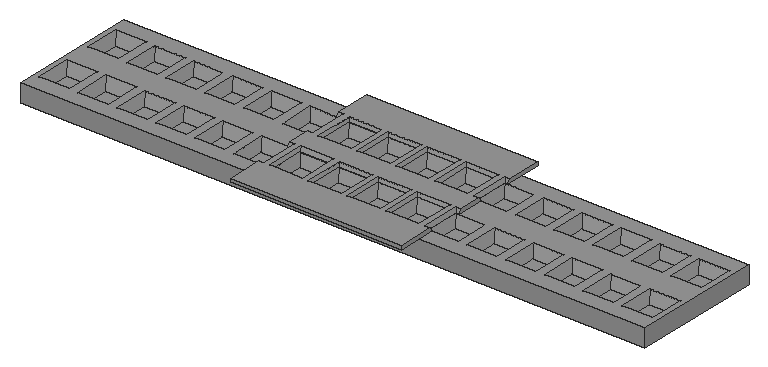
Revit family "2023688", category Lighting Fixtures, host Face, Revit 2018
Family settings
  Host = Face
  Round Connector Dimension = Use Diameter
  Part Type = Normal
  OmniClass Number = 23.80.70.00
  OmniClass Title = Lighting
  Cut with Voids When Loaded = No
  Light Source = Yes
  Shared = No
  Room Calculation Point = No
Parameters (values of type "2023688 OPTIX R 1250 2L 4K ALU EMCB")
  Weight = "n/a"
  Wattage Comments = ""
  Wattage = 9.2903 W
  WarrantyStartDate [instance] = "n/a"
  WarrantyGuarantorParts = "n/a"
  WarrantyDurationUnit = "n/a"
  WarrantyDurationParts = ""
  WarrantyDescription = "http://www.sylvania-lighting.com"
  built-in parameter 1150110 = 1 (stored number, unit not read)
  Voltage = 0 V
  URL = "0.95"
  TypeName = "OPTIX RECESSED 1250 2L 4000K ALU EMCB"
  Type Image = <None>
  Type Comments = "n/a"
  built-in parameter 1114217 = 1 (stored number, unit not read)
  Tilt Angle = -90.00°
  built-in parameter 1150109 = 1 (stored number, unit not read)
  built-in parameter 1150134 = 3
  built-in parameter 1150113 = 1 (stored number, unit not read)
  SerialNumber [instance] = "n/a"
  Photometric Web File = "2023688.ies"
  Material_3_SYL = none
  PowerFactor = 0
  PowerConsumption = "Lighting"
  NominalLength = 308.5 mm
  NominalHeight = 38 mm
  NominalDepth = 308 mm
  Name = "OPTIX RECESSED 1250 2L 4000K ALU EMCB"
  ModelReference = Name  # "OPTIX RECESSED 1250 2L 4000K ALU EMCB"
  ModelNumber = "2023688"
  Model = Name  # "OPTIX RECESSED 1250 2L 4000K ALU EMCB"
  Material = "Feilo Sylvania"
  ManufacturerName = "138 lm/W"
  Manufacturer = ""
  LuminousEfficacy = ""
  built-in parameter 1150105 = 109.82 (stored number, unit not read)
  Lumens = 1380 lm
  LuminaireType = "0"
  built-in parameter 1150115 = 1 (stored number, unit not read)
  LightOutputRatio = "LED"
  built-in parameter 1150137 = (empty or 0)
  built-in parameter 1150139 = (empty or 0)
  LampsType = Lamp  # "n/a"
  LampNominalLuminous = "4000 K"
  LampMacAdamStep = "80"
  LampColourTemperature = "LED"
  LampColourRenderingIndex = "16500"
  built-in parameter 1150112 = 1 (stored number, unit not read)
  built-in parameter 1150114 = 1 (stored number, unit not read)
  Lamp = "n/a"
  Keynote = "n/a"
  InstallationDate [instance] = "n/a"
  InputVoltage = "0"
  InputNominalFrequency = "4000"
  built-in parameter 1150132 = (empty or 0)
  built-in parameter 1150102 = (empty or 0)
  built-in parameter 1150107 = 3200 (stored number, unit not read)
  built-in parameter 1150138 = (empty or 0)
  IngressProtection = "IfcLightFixtureType"
  ImpactProtectionIndex = "IfcLightFixtureType"
  built-in parameter 1150106 = 1.0982 (stored number, unit not read)
  IfcExportType = "IfcLightFixtureType"
  IfcExportAs = "Class I"
  Emit from Circle Diameter = 609.6 mm
  Emit Shape Visible in Rendering = no
  ElectricShockClassification = "138"
  built-in parameter 1150104 = 13.8 (stored number, unit not read)
  DocumentationLiterature = "http://www.sylvania-lighting.com/product/en-int/products/2023688"
  DimmingControlOptions = "n/a"
  Material_2_SYL = none
  Dimming Lamp Color Temperature Shift = <None>
  Description = "OPTIX RECESSED 1250x310 2L 4000K ALU EMCB is a high efficacy low glare luminaire for office and education applications. Ceiling recessed 1250x310 mm. Aluminised plastic extra low glare optics in 2 lines configuration. White RAL9016 fixture body. Constant current driver. Suitable for central battery DC emergency operation. 4000K Neutral White LED, CRI>80, chromaticity tolerance of 3-step MacAdam ellipse. Luminous flux 3600lm. Power consumption 26W. Luminaire efficacy 138lm/W. Lifespan: 48,500 hours L90B10. UGR<16, Luminance at 65°<200 Cd/m2, IK07, IP20. Photobiological safety risk group 0. Electrical protection Class I. Glow wire test 850°C."
  Default Elevation = 1219.2 mm
  CreatedOn = "13/10/2022"
  CreatedBy = "@sylvania-lighting.com"
  Cost = 0
  Color Filter = 16777215
  built-in parameter 1114216 [instance] = (empty or 0)
  ClassificationValue = "EF_70_80"
  ClassificationName = "Uniclass2015"
  Material_1_SYL = none
  BarCode [instance] = "n/a"
  built-in parameter 1114218 = 1 (stored number, unit not read)
  built-in parameter 1150133 = 10 (stored number, unit not read)
  AssetType = "Fixed"
  AssetIdentifier [instance] = "n/a"
  Assembly Code = "D5020200"
  Apparent Load = 26 VA
  Material_4_SYL = none
Reference planes
  plane 1 "Center (Front/Back)": y = 0
  plane 2: z = 0
  plane 3 "Center (Left/Right)": x = 0
  plane 4: x = -154.25
  plane 5: x = 154.25
  plane 6: y = 154
  plane 7: y = -154
  plane 8: z = -32
  plane 9: z = 6
  plane 10: y = -116
  plane 11: y = 116
  plane 12: x = -563
  plane 13: x = 563
  plane 14: y = 90
  plane 15: y = -90
  plane 16: x = 275
  plane 17: x = 285
  plane 18: x = 345
  plane 19: x = 355
  plane 20: x = 415
  plane 21: x = 425
  plane 22: x = 485
  plane 23: x = 495
  plane 24: x = -275
  plane 25: x = -285
  plane 26: x = -345
  plane 27: x = -355
  plane 28: x = -415
  plane 29: x = -425
  plane 30: x = -485
  plane 31: x = -495
Forms (mm)
  Extrusion 1, solid, material "Aluminum", detail levels medium+fine
    sketch origin (0, 0, 0) x (1, 0, 0) y (0, 1, 0)
      loop
        line (-154.25, 154) -> (-154.25, -154) -> (154.25, -154) -> (154.25, 154) -> (-154.25, 154)
    from 0 to 6
  Extrusion 2, solid, material "Aluminum", detail levels medium+fine
    sketch origin (0, 0, 0) x (1, 0, 0) y (0, 1, 0)
      loop
        line (-563, 116) -> (-563, -116) -> (563, -116) -> (563, 116) -> (-563, 116)
    from 0 to -32
  Blend 3, void
    base sketch origin (0.2, -114, 0) x (1, 0, 0) y (0, 1, 0)
      loop
        line (-275.2, 204) -> (-275.2, 134) -> (-215.2, 134) -> (-215.2, 204) -> (-275.2, 204)
    top sketch origin (0.2, -114, 0) x (1, 0, 0) y (0, 1, 0)
      loop
        line (-265.2, 189) -> (-265.2, 149) -> (-225.2, 149) -> (-225.2, 189) -> (-265.2, 189)
    from 6 to -19
  Blend 4, void
    base sketch origin (70.2, -114, 0) x (1, 0, 0) y (0, 1, 0)
      loop
        line (-275.2, 204) -> (-275.2, 134) -> (-215.2, 134) -> (-215.2, 204) -> (-275.2, 204)
    top sketch origin (70.2, -114, 0) x (1, 0, 0) y (0, 1, 0)
      loop
        line (-265.2, 189) -> (-265.2, 149) -> (-225.2, 149) -> (-225.2, 189) -> (-265.2, 189)
    from 6 to -19
  Blend 5, void
    base sketch origin (140.2, -114, 0) x (1, 0, 0) y (0, 1, 0)
      loop
        line (-275.2, 204) -> (-275.2, 134) -> (-215.2, 134) -> (-215.2, 204) -> (-275.2, 204)
    top sketch origin (140.2, -114, 0) x (1, 0, 0) y (0, 1, 0)
      loop
        line (-265.2, 189) -> (-265.2, 149) -> (-225.2, 149) -> (-225.2, 189) -> (-265.2, 189)
    from 6 to -19
  Blend 6, void
    base sketch origin (210.2, -114, 0) x (1, 0, 0) y (0, 1, 0)
      loop
        line (-275.2, 204) -> (-275.2, 134) -> (-215.2, 134) -> (-215.2, 204) -> (-275.2, 204)
    top sketch origin (210.2, -114, 0) x (1, 0, 0) y (0, 1, 0)
      loop
        line (-265.2, 189) -> (-265.2, 149) -> (-225.2, 149) -> (-225.2, 189) -> (-265.2, 189)
    from 6 to -19
  Blend 7, void
    base sketch origin (280.2, -114, 0) x (1, 0, 0) y (0, 1, 0)
      loop
        line (-275.2, 204) -> (-275.2, 134) -> (-215.2, 134) -> (-215.2, 204) -> (-275.2, 204)
    top sketch origin (280.2, -114, 0) x (1, 0, 0) y (0, 1, 0)
      loop
        line (-265.2, 189) -> (-265.2, 149) -> (-225.2, 149) -> (-225.2, 189) -> (-265.2, 189)
    from 6 to -19
  Blend 8, void
    base sketch origin (350.2, -114, 0) x (1, 0, 0) y (0, 1, 0)
      loop
        line (-275.2, 204) -> (-275.2, 134) -> (-215.2, 134) -> (-215.2, 204) -> (-275.2, 204)
    top sketch origin (350.2, -114, 0) x (1, 0, 0) y (0, 1, 0)
      loop
        line (-265.2, 189) -> (-265.2, 149) -> (-225.2, 149) -> (-225.2, 189) -> (-265.2, 189)
    from 6 to -19
  Blend 9, void
    base sketch origin (420.2, -114, 0) x (1, 0, 0) y (0, 1, 0)
      loop
        line (-275.2, 204) -> (-275.2, 134) -> (-215.2, 134) -> (-215.2, 204) -> (-275.2, 204)
    top sketch origin (420.2, -114, 0) x (1, 0, 0) y (0, 1, 0)
      loop
        line (-265.2, 189) -> (-265.2, 149) -> (-225.2, 149) -> (-225.2, 189) -> (-265.2, 189)
    from 6 to -19
  Blend 10, void
    base sketch origin (490.2, -114, 0) x (1, 0, 0) y (0, 1, 0)
      loop
        line (-275.2, 204) -> (-275.2, 134) -> (-215.2, 134) -> (-215.2, 204) -> (-275.2, 204)
    top sketch origin (490.2, -114, 0) x (1, 0, 0) y (0, 1, 0)
      loop
        line (-265.2, 189) -> (-265.2, 149) -> (-225.2, 149) -> (-225.2, 189) -> (-265.2, 189)
    from 6 to -19
  Blend 11, void
    base sketch origin (560.2, -114, 0) x (1, 0, 0) y (0, 1, 0)
      loop
        line (-275.2, 204) -> (-275.2, 134) -> (-215.2, 134) -> (-215.2, 204) -> (-275.2, 204)
    top sketch origin (560.2, -114, 0) x (1, 0, 0) y (0, 1, 0)
      loop
        line (-265.2, 189) -> (-265.2, 149) -> (-225.2, 149) -> (-225.2, 189) -> (-265.2, 189)
    from 6 to -19
  Blend 12, void
    base sketch origin (630.2, -114, 0) x (1, 0, 0) y (0, 1, 0)
      loop
        line (-275.2, 204) -> (-275.2, 134) -> (-215.2, 134) -> (-215.2, 204) -> (-275.2, 204)
    top sketch origin (630.2, -114, 0) x (1, 0, 0) y (0, 1, 0)
      loop
        line (-265.2, 189) -> (-265.2, 149) -> (-225.2, 149) -> (-225.2, 189) -> (-265.2, 189)
    from 6 to -19
  Blend 13, void
    base sketch origin (700.2, -114, 0) x (1, 0, 0) y (0, 1, 0)
      loop
        line (-275.2, 204) -> (-275.2, 134) -> (-215.2, 134) -> (-215.2, 204) -> (-275.2, 204)
    top sketch origin (700.2, -114, 0) x (1, 0, 0) y (0, 1, 0)
      loop
        line (-265.2, 189) -> (-265.2, 149) -> (-225.2, 149) -> (-225.2, 189) -> (-265.2, 189)
    from 6 to -19
  Blend 14, void
    base sketch origin (770.2, -114, 0) x (1, 0, 0) y (0, 1, 0)
      loop
        line (-275.2, 204) -> (-275.2, 134) -> (-215.2, 134) -> (-215.2, 204) -> (-275.2, 204)
    top sketch origin (770.2, -114, 0) x (1, 0, 0) y (0, 1, 0)
      loop
        line (-265.2, 189) -> (-265.2, 149) -> (-225.2, 149) -> (-225.2, 189) -> (-265.2, 189)
    from 6 to -19
  Blend 15, void
    base sketch origin (-69.8, -114, 0) x (1, 0, 0) y (0, 1, 0)
      loop
        line (-275.2, 204) -> (-275.2, 134) -> (-215.2, 134) -> (-215.2, 204) -> (-275.2, 204)
    top sketch origin (-69.8, -114, 0) x (1, 0, 0) y (0, 1, 0)
      loop
        line (-265.2, 189) -> (-265.2, 149) -> (-225.2, 149) -> (-225.2, 189) -> (-265.2, 189)
    from 6 to -19
  Blend 16, void
    base sketch origin (-139.8, -114, 0) x (1, 0, 0) y (0, 1, 0)
      loop
        line (-275.2, 204) -> (-275.2, 134) -> (-215.2, 134) -> (-215.2, 204) -> (-275.2, 204)
    top sketch origin (-139.8, -114, 0) x (1, 0, 0) y (0, 1, 0)
      loop
        line (-265.2, 189) -> (-265.2, 149) -> (-225.2, 149) -> (-225.2, 189) -> (-265.2, 189)
    from 6 to -19
  Blend 17, void
    base sketch origin (-209.8, -114, 0) x (1, 0, 0) y (0, 1, 0)
      loop
        line (-275.2, 204) -> (-275.2, 134) -> (-215.2, 134) -> (-215.2, 204) -> (-275.2, 204)
    top sketch origin (-209.8, -114, 0) x (1, 0, 0) y (0, 1, 0)
      loop
        line (-265.2, 189) -> (-265.2, 149) -> (-225.2, 149) -> (-225.2, 189) -> (-265.2, 189)
    from 6 to -19
  Blend 18, void
    base sketch origin (-279.8, -114, 0) x (1, 0, 0) y (0, 1, 0)
      loop
        line (-275.2, 204) -> (-275.2, 134) -> (-215.2, 134) -> (-215.2, 204) -> (-275.2, 204)
    top sketch origin (-279.8, -114, 0) x (1, 0, 0) y (0, 1, 0)
      loop
        line (-265.2, 189) -> (-265.2, 149) -> (-225.2, 149) -> (-225.2, 189) -> (-265.2, 189)
    from 6 to -19
  Blend 19, void
    base sketch origin (0.2, -224, 0) x (1, 0, 0) y (0, 1, 0)
      loop
        line (-275.2, 204) -> (-275.2, 134) -> (-215.2, 134) -> (-215.2, 204) -> (-275.2, 204)
    top sketch origin (0.2, -224, 0) x (1, 0, 0) y (0, 1, 0)
      loop
        line (-265.2, 189) -> (-265.2, 149) -> (-225.2, 149) -> (-225.2, 189) -> (-265.2, 189)
    from 6 to -19
  Blend 20, void
    base sketch origin (70.2, -224, 0) x (1, 0, 0) y (0, 1, 0)
      loop
        line (-275.2, 204) -> (-275.2, 134) -> (-215.2, 134) -> (-215.2, 204) -> (-275.2, 204)
    top sketch origin (70.2, -224, 0) x (1, 0, 0) y (0, 1, 0)
      loop
        line (-265.2, 189) -> (-265.2, 149) -> (-225.2, 149) -> (-225.2, 189) -> (-265.2, 189)
    from 6 to -19
  Blend 21, void
    base sketch origin (140.2, -224, 0) x (1, 0, 0) y (0, 1, 0)
      loop
        line (-275.2, 204) -> (-275.2, 134) -> (-215.2, 134) -> (-215.2, 204) -> (-275.2, 204)
    top sketch origin (140.2, -224, 0) x (1, 0, 0) y (0, 1, 0)
      loop
        line (-265.2, 189) -> (-265.2, 149) -> (-225.2, 149) -> (-225.2, 189) -> (-265.2, 189)
    from 6 to -19
  Blend 22, void
    base sketch origin (210.2, -224, 0) x (1, 0, 0) y (0, 1, 0)
      loop
        line (-275.2, 204) -> (-275.2, 134) -> (-215.2, 134) -> (-215.2, 204) -> (-275.2, 204)
    top sketch origin (210.2, -224, 0) x (1, 0, 0) y (0, 1, 0)
      loop
        line (-265.2, 189) -> (-265.2, 149) -> (-225.2, 149) -> (-225.2, 189) -> (-265.2, 189)
    from 6 to -19
  Blend 23, void
    base sketch origin (280.2, -224, 0) x (1, 0, 0) y (0, 1, 0)
      loop
        line (-275.2, 204) -> (-275.2, 134) -> (-215.2, 134) -> (-215.2, 204) -> (-275.2, 204)
    top sketch origin (280.2, -224, 0) x (1, 0, 0) y (0, 1, 0)
      loop
        line (-265.2, 189) -> (-265.2, 149) -> (-225.2, 149) -> (-225.2, 189) -> (-265.2, 189)
    from 6 to -19
  Blend 24, void
    base sketch origin (350.2, -224, 0) x (1, 0, 0) y (0, 1, 0)
      loop
        line (-275.2, 204) -> (-275.2, 134) -> (-215.2, 134) -> (-215.2, 204) -> (-275.2, 204)
    top sketch origin (350.2, -224, 0) x (1, 0, 0) y (0, 1, 0)
      loop
        line (-265.2, 189) -> (-265.2, 149) -> (-225.2, 149) -> (-225.2, 189) -> (-265.2, 189)
    from 6 to -19
  Blend 25, void
    base sketch origin (420.2, -224, 0) x (1, 0, 0) y (0, 1, 0)
      loop
        line (-275.2, 204) -> (-275.2, 134) -> (-215.2, 134) -> (-215.2, 204) -> (-275.2, 204)
    top sketch origin (420.2, -224, 0) x (1, 0, 0) y (0, 1, 0)
      loop
        line (-265.2, 189) -> (-265.2, 149) -> (-225.2, 149) -> (-225.2, 189) -> (-265.2, 189)
    from 6 to -19
  Blend 26, void
    base sketch origin (490.2, -224, 0) x (1, 0, 0) y (0, 1, 0)
      loop
        line (-275.2, 204) -> (-275.2, 134) -> (-215.2, 134) -> (-215.2, 204) -> (-275.2, 204)
    top sketch origin (490.2, -224, 0) x (1, 0, 0) y (0, 1, 0)
      loop
        line (-265.2, 189) -> (-265.2, 149) -> (-225.2, 149) -> (-225.2, 189) -> (-265.2, 189)
    from 6 to -19
  Blend 27, void
    base sketch origin (560.2, -224, 0) x (1, 0, 0) y (0, 1, 0)
      loop
        line (-275.2, 204) -> (-275.2, 134) -> (-215.2, 134) -> (-215.2, 204) -> (-275.2, 204)
    top sketch origin (560.2, -224, 0) x (1, 0, 0) y (0, 1, 0)
      loop
        line (-265.2, 189) -> (-265.2, 149) -> (-225.2, 149) -> (-225.2, 189) -> (-265.2, 189)
    from 6 to -19
  Blend 28, void
    base sketch origin (630.2, -224, 0) x (1, 0, 0) y (0, 1, 0)
      loop
        line (-275.2, 204) -> (-275.2, 134) -> (-215.2, 134) -> (-215.2, 204) -> (-275.2, 204)
    top sketch origin (630.2, -224, 0) x (1, 0, 0) y (0, 1, 0)
      loop
        line (-265.2, 189) -> (-265.2, 149) -> (-225.2, 149) -> (-225.2, 189) -> (-265.2, 189)
    from 6 to -19
  Blend 29, void
    base sketch origin (700.2, -224, 0) x (1, 0, 0) y (0, 1, 0)
      loop
        line (-275.2, 204) -> (-275.2, 134) -> (-215.2, 134) -> (-215.2, 204) -> (-275.2, 204)
    top sketch origin (700.2, -224, 0) x (1, 0, 0) y (0, 1, 0)
      loop
        line (-265.2, 189) -> (-265.2, 149) -> (-225.2, 149) -> (-225.2, 189) -> (-265.2, 189)
    from 6 to -19
  Blend 30, void
    base sketch origin (770.2, -224, 0) x (1, 0, 0) y (0, 1, 0)
      loop
        line (-275.2, 204) -> (-275.2, 134) -> (-215.2, 134) -> (-215.2, 204) -> (-275.2, 204)
    top sketch origin (770.2, -224, 0) x (1, 0, 0) y (0, 1, 0)
      loop
        line (-265.2, 189) -> (-265.2, 149) -> (-225.2, 149) -> (-225.2, 189) -> (-265.2, 189)
    from 6 to -19
  Blend 31, void
    base sketch origin (-69.8, -224, 0) x (1, 0, 0) y (0, 1, 0)
      loop
        line (-275.2, 204) -> (-275.2, 134) -> (-215.2, 134) -> (-215.2, 204) -> (-275.2, 204)
    top sketch origin (-69.8, -224, 0) x (1, 0, 0) y (0, 1, 0)
      loop
        line (-265.2, 189) -> (-265.2, 149) -> (-225.2, 149) -> (-225.2, 189) -> (-265.2, 189)
    from 6 to -19
  Blend 32, void
    base sketch origin (-139.8, -224, 0) x (1, 0, 0) y (0, 1, 0)
      loop
        line (-275.2, 204) -> (-275.2, 134) -> (-215.2, 134) -> (-215.2, 204) -> (-275.2, 204)
    top sketch origin (-139.8, -224, 0) x (1, 0, 0) y (0, 1, 0)
      loop
        line (-265.2, 189) -> (-265.2, 149) -> (-225.2, 149) -> (-225.2, 189) -> (-265.2, 189)
    from 6 to -19
  Blend 33, void
    base sketch origin (-209.8, -224, 0) x (1, 0, 0) y (0, 1, 0)
      loop
        line (-275.2, 204) -> (-275.2, 134) -> (-215.2, 134) -> (-215.2, 204) -> (-275.2, 204)
    top sketch origin (-209.8, -224, 0) x (1, 0, 0) y (0, 1, 0)
      loop
        line (-265.2, 189) -> (-265.2, 149) -> (-225.2, 149) -> (-225.2, 189) -> (-265.2, 189)
    from 6 to -19
  Blend 34, void
    base sketch origin (-279.8, -224, 0) x (1, 0, 0) y (0, 1, 0)
      loop
        line (-275.2, 204) -> (-275.2, 134) -> (-215.2, 134) -> (-215.2, 204) -> (-275.2, 204)
    top sketch origin (-279.8, -224, 0) x (1, 0, 0) y (0, 1, 0)
      loop
        line (-265.2, 189) -> (-265.2, 149) -> (-225.2, 149) -> (-225.2, 189) -> (-265.2, 189)
    from 6 to -19
  Extrusion 35, solid, detail levels coarse
    sketch origin (0, 0, 0) x (1, 0, 0) y (0, 0, 1)
      loop
        line (-154.25, 6) -> (-154.25, -32) -> (154.25, -32) -> (154.25, 6) -> (-154.25, 6)
    from -154 to 154
  Extrusion 36, solid, material "Glass, White, High Luminance", detail levels fine
    sketch origin (0, 0, 0) x (1, 0, 0) y (0, 1, 0)
      loop
        line (-545, 75) -> (-545, 35) -> (-505, 35) -> (-505, 75) -> (-545, 75)
    from -19 to -18
  Extrusion 37, solid, material "Glass, White, High Luminance", detail levels fine
    sketch origin (70, 0, 0) x (1, 0, 0) y (0, 1, 0)
      loop
        line (-545, 75) -> (-545, 35) -> (-505, 35) -> (-505, 75) -> (-545, 75)
    from -19 to -18
  Extrusion 38, solid, material "Glass, White, High Luminance", detail levels fine
    sketch origin (140, 0, 0) x (1, 0, 0) y (0, 1, 0)
      loop
        line (-545, 75) -> (-545, 35) -> (-505, 35) -> (-505, 75) -> (-545, 75)
    from -19 to -18
  Extrusion 39, solid, material "Glass, White, High Luminance", detail levels fine
    sketch origin (210, 0, 0) x (1, 0, 0) y (0, 1, 0)
      loop
        line (-545, 75) -> (-545, 35) -> (-505, 35) -> (-505, 75) -> (-545, 75)
    from -19 to -18
  Extrusion 40, solid, material "Glass, White, High Luminance", detail levels fine
    sketch origin (280, 0, 0) x (1, 0, 0) y (0, 1, 0)
      loop
        line (-545, 75) -> (-545, 35) -> (-505, 35) -> (-505, 75) -> (-545, 75)
    from -19 to -18
  Extrusion 41, solid, material "Glass, White, High Luminance", detail levels fine
    sketch origin (350, 0, 0) x (1, 0, 0) y (0, 1, 0)
      loop
        line (-545, 75) -> (-545, 35) -> (-505, 35) -> (-505, 75) -> (-545, 75)
    from -19 to -18
  Extrusion 42, solid, material "Glass, White, High Luminance", detail levels fine
    sketch origin (420, 0, 0) x (1, 0, 0) y (0, 1, 0)
      loop
        line (-545, 75) -> (-545, 35) -> (-505, 35) -> (-505, 75) -> (-545, 75)
    from -19 to -18
  Extrusion 43, solid, material "Glass, White, High Luminance", detail levels fine
    sketch origin (490, 0, 0) x (1, 0, 0) y (0, 1, 0)
      loop
        line (-545, 75) -> (-545, 35) -> (-505, 35) -> (-505, 75) -> (-545, 75)
    from -19 to -18
  Extrusion 44, solid, material "Glass, White, High Luminance", detail levels fine
    sketch origin (560, 0, 0) x (1, 0, 0) y (0, 1, 0)
      loop
        line (-545, 75) -> (-545, 35) -> (-505, 35) -> (-505, 75) -> (-545, 75)
    from -19 to -18
  Extrusion 45, solid, material "Glass, White, High Luminance", detail levels fine
    sketch origin (630, 0, 0) x (1, 0, 0) y (0, 1, 0)
      loop
        line (-545, 75) -> (-545, 35) -> (-505, 35) -> (-505, 75) -> (-545, 75)
    from -19 to -18
  Extrusion 46, solid, material "Glass, White, High Luminance", detail levels fine
    sketch origin (700, 0, 0) x (1, 0, 0) y (0, 1, 0)
      loop
        line (-545, 75) -> (-545, 35) -> (-505, 35) -> (-505, 75) -> (-545, 75)
    from -19 to -18
  Extrusion 47, solid, material "Glass, White, High Luminance", detail levels fine
    sketch origin (770, 0, 0) x (1, 0, 0) y (0, 1, 0)
      loop
        line (-545, 75) -> (-545, 35) -> (-505, 35) -> (-505, 75) -> (-545, 75)
    from -19 to -18
  Extrusion 48, solid, material "Glass, White, High Luminance", detail levels fine
    sketch origin (840, 0, 0) x (1, 0, 0) y (0, 1, 0)
      loop
        line (-545, 75) -> (-545, 35) -> (-505, 35) -> (-505, 75) -> (-545, 75)
    from -19 to -18
  Extrusion 49, solid, material "Glass, White, High Luminance", detail levels fine
    sketch origin (910, 0, 0) x (1, 0, 0) y (0, 1, 0)
      loop
        line (-545, 75) -> (-545, 35) -> (-505, 35) -> (-505, 75) -> (-545, 75)
    from -19 to -18
  Extrusion 50, solid, material "Glass, White, High Luminance", detail levels fine
    sketch origin (980, 0, 0) x (1, 0, 0) y (0, 1, 0)
      loop
        line (-545, 75) -> (-545, 35) -> (-505, 35) -> (-505, 75) -> (-545, 75)
    from -19 to -18
  Extrusion 51, solid, material "Glass, White, High Luminance", detail levels fine
    sketch origin (1050, 0, 0) x (1, 0, 0) y (0, 1, 0)
      loop
        line (-545, 75) -> (-545, 35) -> (-505, 35) -> (-505, 75) -> (-545, 75)
    from -19 to -18
  Extrusion 52, solid, material "Glass, White, High Luminance", detail levels fine
    sketch origin (0, -110, 0) x (1, 0, 0) y (0, 1, 0)
      loop
        line (-545, 75) -> (-545, 35) -> (-505, 35) -> (-505, 75) -> (-545, 75)
    from -19 to -18
  Extrusion 53, solid, material "Glass, White, High Luminance", detail levels fine
    sketch origin (70, -110, 0) x (1, 0, 0) y (0, 1, 0)
      loop
        line (-545, 75) -> (-545, 35) -> (-505, 35) -> (-505, 75) -> (-545, 75)
    from -19 to -18
  Extrusion 54, solid, material "Glass, White, High Luminance", detail levels fine
    sketch origin (140, -110, 0) x (1, 0, 0) y (0, 1, 0)
      loop
        line (-545, 75) -> (-545, 35) -> (-505, 35) -> (-505, 75) -> (-545, 75)
    from -19 to -18
  Extrusion 55, solid, material "Glass, White, High Luminance", detail levels fine
    sketch origin (210, -110, 0) x (1, 0, 0) y (0, 1, 0)
      loop
        line (-545, 75) -> (-545, 35) -> (-505, 35) -> (-505, 75) -> (-545, 75)
    from -19 to -18
  Extrusion 56, solid, material "Glass, White, High Luminance", detail levels fine
    sketch origin (280, -110, 0) x (1, 0, 0) y (0, 1, 0)
      loop
        line (-545, 75) -> (-545, 35) -> (-505, 35) -> (-505, 75) -> (-545, 75)
    from -19 to -18
  Extrusion 57, solid, material "Glass, White, High Luminance", detail levels fine
    sketch origin (350, -110, 0) x (1, 0, 0) y (0, 1, 0)
      loop
        line (-545, 75) -> (-545, 35) -> (-505, 35) -> (-505, 75) -> (-545, 75)
    from -19 to -18
  Extrusion 58, solid, material "Glass, White, High Luminance", detail levels fine
    sketch origin (420, -110, 0) x (1, 0, 0) y (0, 1, 0)
      loop
        line (-545, 75) -> (-545, 35) -> (-505, 35) -> (-505, 75) -> (-545, 75)
    from -19 to -18
  Extrusion 59, solid, material "Glass, White, High Luminance", detail levels fine
    sketch origin (490, -110, 0) x (1, 0, 0) y (0, 1, 0)
      loop
        line (-545, 75) -> (-545, 35) -> (-505, 35) -> (-505, 75) -> (-545, 75)
    from -19 to -18
  Extrusion 60, solid, material "Glass, White, High Luminance", detail levels fine
    sketch origin (560, -110, 0) x (1, 0, 0) y (0, 1, 0)
      loop
        line (-545, 75) -> (-545, 35) -> (-505, 35) -> (-505, 75) -> (-545, 75)
    from -19 to -18
  Extrusion 61, solid, material "Glass, White, High Luminance", detail levels fine
    sketch origin (630, -110, 0) x (1, 0, 0) y (0, 1, 0)
      loop
        line (-545, 75) -> (-545, 35) -> (-505, 35) -> (-505, 75) -> (-545, 75)
    from -19 to -18
  Extrusion 62, solid, material "Glass, White, High Luminance", detail levels fine
    sketch origin (700, -110, 0) x (1, 0, 0) y (0, 1, 0)
      loop
        line (-545, 75) -> (-545, 35) -> (-505, 35) -> (-505, 75) -> (-545, 75)
    from -19 to -18
  Extrusion 63, solid, material "Glass, White, High Luminance", detail levels fine
    sketch origin (770, -110, 0) x (1, 0, 0) y (0, 1, 0)
      loop
        line (-545, 75) -> (-545, 35) -> (-505, 35) -> (-505, 75) -> (-545, 75)
    from -19 to -18
  Extrusion 64, solid, material "Glass, White, High Luminance", detail levels fine
    sketch origin (840, -110, 0) x (1, 0, 0) y (0, 1, 0)
      loop
        line (-545, 75) -> (-545, 35) -> (-505, 35) -> (-505, 75) -> (-545, 75)
    from -19 to -18
  Extrusion 65, solid, material "Glass, White, High Luminance", detail levels fine
    sketch origin (910, -110, 0) x (1, 0, 0) y (0, 1, 0)
      loop
        line (-545, 75) -> (-545, 35) -> (-505, 35) -> (-505, 75) -> (-545, 75)
    from -19 to -18
  Extrusion 66, solid, material "Glass, White, High Luminance", detail levels fine
    sketch origin (980, -110, 0) x (1, 0, 0) y (0, 1, 0)
      loop
        line (-545, 75) -> (-545, 35) -> (-505, 35) -> (-505, 75) -> (-545, 75)
    from -19 to -18
  Extrusion 67, solid, material "Glass, White, High Luminance", detail levels fine
    sketch origin (1050, -110, 0) x (1, 0, 0) y (0, 1, 0)
      loop
        line (-545, 75) -> (-545, 35) -> (-505, 35) -> (-505, 75) -> (-545, 75)
    from -19 to -18
Cuts and joins
  Blend 3, Blend 4, Blend 5, Blend 6, Blend 7, Blend 8, Blend 9, Blend 10, Blend 11, Blend 12, Blend 13, Blend 14, Blend 15, Blend 16, Blend 17, Blend 18, Blend 19, Blend 20, Blend 21, Blend 22, Blend 23, Blend 24, Blend 25, Blend 26, Blend 27, Blend 28, Blend 29, Blend 30, Blend 31, Blend 32, Blend 33, Blend 34 cuts Extrusion 1
  Blend 3, Blend 4, Blend 5, Blend 6, Blend 7, Blend 8, Blend 9, Blend 10, Blend 11, Blend 12, Blend 13, Blend 14, Blend 15, Blend 16, Blend 17, Blend 18, Blend 19, Blend 20, Blend 21, Blend 22, Blend 23, Blend 24, Blend 25, Blend 26, Blend 27, Blend 28, Blend 29, Blend 30, Blend 31, Blend 32, Blend 33, Blend 34 cuts Extrusion 2
Dimensions and locks
  "NominalLength": plane 4 to plane 5
  equal spacing: plane 4, plane 3 "Center (Left/Right)", plane 5
  "NominalDepth": plane 6 to plane 7
  equal spacing: plane 6, plane 1 "Center (Front/Back)", plane 7
  plane 8 to plane 2 = 32 mm
  plane 9 to plane 2 = 6 mm
  "NominalHeight": plane 8 to plane 9
  aligned and locked: plane 2 to host face
  aligned and locked: level to host face
Automatic sketch dimensions
  host sketch curve to host sketch curve = 2438.4 mm  (x2)
  Extrusion 1 sketch curve to plane 4 = 0 mm
  Extrusion 1 sketch curve to plane 5 = 0 mm
  Extrusion 1 sketch curve to plane 7 = 0 mm
  Extrusion 1 sketch curve to plane 6 = 0 mm
  Extrusion 2 sketch curve to plane 10 = 0 mm
  Extrusion 2 sketch curve to plane 12 = 0 mm
  Extrusion 2 sketch curve to plane 13 = 0 mm
  Extrusion 2 sketch curve to plane 11 = 0 mm
  Blend 3 sketch curve to plane 24 = 0 mm
  Blend 3 sketch curve to plane 14 = 0 mm
  Blend 3 sketch curve to plane 1 "Center (Front/Back)" = 20 mm
  Blend 3 sketch curve to Blend 3 sketch curve = 60 mm
  plane 24 to Blend 3 sketch curve = 10 mm
  Blend 3 sketch curve to Blend 3 sketch curve = 40 mm
  Blend 3 sketch curve to plane 1 "Center (Front/Back)" = 35 mm
  Blend 3 sketch curve to plane 14 = 15 mm
  Blend 4 sketch curve to plane 14 = 0 mm
  Blend 4 sketch curve to plane 1 "Center (Front/Back)" = 20 mm
  plane 24 to Blend 4 sketch curve = 70 mm
  Blend 4 sketch curve to Blend 4 sketch curve = 60 mm
  Blend 4 sketch curve to plane 1 "Center (Front/Back)" = 35 mm
  plane 24 to Blend 4 sketch curve = 80 mm
  Blend 4 sketch curve to Blend 4 sketch curve = 40 mm
  Blend 4 sketch curve to plane 14 = 15 mm
  Blend 5 sketch curve to plane 14 = 0 mm
  Blend 5 sketch curve to plane 1 "Center (Front/Back)" = 20 mm
  Blend 5 sketch curve to plane 3 "Center (Left/Right)" = 135 mm
  Blend 5 sketch curve to Blend 5 sketch curve = 60 mm
  Blend 5 sketch curve to plane 1 "Center (Front/Back)" = 35 mm
  Blend 5 sketch curve to plane 3 "Center (Left/Right)" = 125 mm
  Blend 5 sketch curve to Blend 5 sketch curve = 40 mm
  Blend 5 sketch curve to plane 14 = 15 mm
  Blend 6 sketch curve to plane 14 = 0 mm
  Blend 6 sketch curve to plane 1 "Center (Front/Back)" = 20 mm
  Blend 6 sketch curve to plane 3 "Center (Left/Right)" = 65 mm
  Blend 6 sketch curve to plane 3 "Center (Left/Right)" = 5 mm
  Blend 6 sketch curve to plane 3 "Center (Left/Right)" = 55 mm
  Blend 6 sketch curve to plane 3 "Center (Left/Right)" = 15 mm
  Blend 6 sketch curve to plane 1 "Center (Front/Back)" = 35 mm
  Blend 6 sketch curve to plane 14 = 15 mm
  Blend 7 sketch curve to plane 14 = 0 mm
  plane 3 "Center (Left/Right)" to Blend 7 sketch curve = 5 mm
  Blend 7 sketch curve to plane 1 "Center (Front/Back)" = 20 mm
  Blend 7 sketch curve to Blend 7 sketch curve = 60 mm
  plane 3 "Center (Left/Right)" to Blend 7 sketch curve = 15 mm
  Blend 7 sketch curve to Blend 7 sketch curve = 40 mm
  Blend 7 sketch curve to plane 1 "Center (Front/Back)" = 35 mm
  Blend 7 sketch curve to plane 14 = 15 mm
  Blend 8 sketch curve to plane 14 = 0 mm
  Blend 8 sketch curve to plane 1 "Center (Front/Back)" = 20 mm
  plane 3 "Center (Left/Right)" to Blend 8 sketch curve = 75 mm
  Blend 8 sketch curve to Blend 8 sketch curve = 60 mm
  Blend 8 sketch curve to plane 1 "Center (Front/Back)" = 35 mm
  plane 3 "Center (Left/Right)" to Blend 8 sketch curve = 85 mm
  Blend 8 sketch curve to Blend 8 sketch curve = 40 mm
  Blend 8 sketch curve to plane 14 = 15 mm
  Blend 9 sketch curve to plane 14 = 0 mm
  Blend 9 sketch curve to plane 1 "Center (Front/Back)" = 20 mm
  plane 16 to Blend 9 sketch curve = 130 mm
  Blend 9 sketch curve to Blend 9 sketch curve = 60 mm
  Blend 9 sketch curve to plane 1 "Center (Front/Back)" = 35 mm
  plane 16 to Blend 9 sketch curve = 120 mm
  Blend 9 sketch curve to Blend 9 sketch curve = 40 mm
  Blend 9 sketch curve to plane 14 = 15 mm
  Blend 10 sketch curve to plane 14 = 0 mm
  Blend 10 sketch curve to plane 16 = 0 mm
  Blend 10 sketch curve to Blend 10 sketch curve = 60 mm
  Blend 10 sketch curve to plane 1 "Center (Front/Back)" = 20 mm
  plane 16 to Blend 10 sketch curve = 50 mm
  plane 16 to Blend 10 sketch curve = 10 mm
  Blend 10 sketch curve to plane 1 "Center (Front/Back)" = 35 mm
  Blend 10 sketch curve to plane 14 = 15 mm
  Blend 11 sketch curve to plane 17 = 0 mm
  Blend 11 sketch curve to plane 18 = 0 mm
  Blend 11 sketch curve to plane 14 = 0 mm
  Blend 11 sketch curve to plane 1 "Center (Front/Back)" = 20 mm
  plane 17 to Blend 11 sketch curve = 10 mm
  plane 18 to Blend 11 sketch curve = 10 mm
  Blend 11 sketch curve to plane 1 "Center (Front/Back)" = 35 mm
  Blend 11 sketch curve to plane 14 = 15 mm
  Blend 12 sketch curve to plane 19 = 0 mm
  Blend 12 sketch curve to plane 20 = 0 mm
  Blend 12 sketch curve to plane 14 = 0 mm
  Blend 12 sketch curve to plane 1 "Center (Front/Back)" = 20 mm
  Blend 12 sketch curve to plane 19 = 10 mm
  plane 20 to Blend 12 sketch curve = 10 mm
  Blend 12 sketch curve to plane 1 "Center (Front/Back)" = 35 mm
  Blend 12 sketch curve to plane 14 = 15 mm
  Blend 13 sketch curve to plane 21 = 0 mm
  Blend 13 sketch curve to plane 22 = 0 mm
  Blend 13 sketch curve to plane 14 = 0 mm
  Blend 13 sketch curve to plane 1 "Center (Front/Back)" = 20 mm
  Blend 13 sketch curve to plane 21 = 10 mm
  plane 22 to Blend 13 sketch curve = 10 mm
  Blend 13 sketch curve to plane 1 "Center (Front/Back)" = 35 mm
  Blend 13 sketch curve to plane 14 = 15 mm
  Blend 14 sketch curve to plane 23 = 0 mm
  Blend 14 sketch curve to plane 14 = 0 mm
  Blend 14 sketch curve to plane 13 = 8 mm
  Blend 14 sketch curve to plane 1 "Center (Front/Back)" = 20 mm
  Blend 14 sketch curve to plane 23 = 10 mm
  Blend 14 sketch curve to plane 13 = 18 mm
  Blend 14 sketch curve to plane 1 "Center (Front/Back)" = 35 mm
  Blend 14 sketch curve to plane 14 = 15 mm
  Blend 15 sketch curve to plane 26 = 0 mm
  Blend 15 sketch curve to plane 25 = 0 mm
  Blend 15 sketch curve to plane 14 = 0 mm
  Blend 15 sketch curve to plane 1 "Center (Front/Back)" = 20 mm
  plane 26 to Blend 15 sketch curve = 10 mm
  Blend 15 sketch curve to plane 25 = 10 mm
  Blend 15 sketch curve to plane 1 "Center (Front/Back)" = 35 mm
  Blend 15 sketch curve to plane 14 = 15 mm
  Blend 16 sketch curve to plane 28 = 0 mm
  Blend 16 sketch curve to plane 27 = 0 mm
  Blend 16 sketch curve to plane 14 = 0 mm
  Blend 16 sketch curve to plane 1 "Center (Front/Back)" = 20 mm
  plane 28 to Blend 16 sketch curve = 10 mm
  Blend 16 sketch curve to plane 27 = 10 mm
  Blend 16 sketch curve to plane 1 "Center (Front/Back)" = 35 mm
  Blend 16 sketch curve to plane 14 = 15 mm
  Blend 17 sketch curve to plane 30 = 0 mm
  Blend 17 sketch curve to plane 29 = 0 mm
  Blend 17 sketch curve to plane 14 = 0 mm
  Blend 17 sketch curve to plane 1 "Center (Front/Back)" = 20 mm
  plane 30 to Blend 17 sketch curve = 10 mm
  Blend 17 sketch curve to plane 29 = 10 mm
  Blend 17 sketch curve to plane 1 "Center (Front/Back)" = 35 mm
  Blend 17 sketch curve to plane 14 = 15 mm
  Blend 18 sketch curve to plane 14 = 0 mm
  Blend 18 sketch curve to plane 31 = 0 mm
  plane 12 to Blend 18 sketch curve = 8 mm
  Blend 18 sketch curve to plane 1 "Center (Front/Back)" = 20 mm
  plane 12 to Blend 18 sketch curve = 18 mm
  Blend 18 sketch curve to plane 31 = 10 mm
  Blend 18 sketch curve to plane 1 "Center (Front/Back)" = 35 mm
  Blend 18 sketch curve to plane 14 = 15 mm
  Blend 19 sketch curve to plane 15 = 0 mm
  Blend 19 sketch curve to plane 24 = 0 mm
  Blend 19 sketch curve to Blend 19 sketch curve = 60 mm
  plane 1 "Center (Front/Back)" to Blend 19 sketch curve = 20 mm
  plane 24 to Blend 19 sketch curve = 10 mm
  plane 15 to Blend 19 sketch curve = 15 mm
  Blend 19 sketch curve to Blend 19 sketch curve = 40 mm
  plane 1 "Center (Front/Back)" to Blend 19 sketch curve = 35 mm
  Blend 20 sketch curve to plane 15 = 0 mm
  plane 24 to Blend 20 sketch curve = 70 mm
  Blend 20 sketch curve to Blend 20 sketch curve = 60 mm
  plane 1 "Center (Front/Back)" to Blend 20 sketch curve = 20 mm
  plane 15 to Blend 20 sketch curve = 15 mm
  plane 24 to Blend 20 sketch curve = 80 mm
  Blend 20 sketch curve to Blend 20 sketch curve = 40 mm
  plane 1 "Center (Front/Back)" to Blend 20 sketch curve = 35 mm
  Blend 21 sketch curve to plane 15 = 0 mm
  Blend 21 sketch curve to plane 3 "Center (Left/Right)" = 135 mm
  Blend 21 sketch curve to Blend 21 sketch curve = 60 mm
  plane 1 "Center (Front/Back)" to Blend 21 sketch curve = 20 mm
  plane 15 to Blend 21 sketch curve = 15 mm
  Blend 21 sketch curve to plane 3 "Center (Left/Right)" = 125 mm
  Blend 21 sketch curve to Blend 21 sketch curve = 40 mm
  plane 1 "Center (Front/Back)" to Blend 21 sketch curve = 35 mm
  Blend 22 sketch curve to plane 15 = 0 mm
  Blend 22 sketch curve to plane 3 "Center (Left/Right)" = 65 mm
  Blend 22 sketch curve to plane 3 "Center (Left/Right)" = 5 mm
  plane 1 "Center (Front/Back)" to Blend 22 sketch curve = 20 mm
  plane 15 to Blend 22 sketch curve = 15 mm
  Blend 22 sketch curve to plane 3 "Center (Left/Right)" = 55 mm
  Blend 22 sketch curve to plane 3 "Center (Left/Right)" = 15 mm
  plane 1 "Center (Front/Back)" to Blend 22 sketch curve = 35 mm
  Blend 23 sketch curve to plane 15 = 0 mm
  plane 3 "Center (Left/Right)" to Blend 23 sketch curve = 5 mm
  Blend 23 sketch curve to Blend 23 sketch curve = 60 mm
  plane 1 "Center (Front/Back)" to Blend 23 sketch curve = 20 mm
  plane 3 "Center (Left/Right)" to Blend 23 sketch curve = 15 mm
  plane 15 to Blend 23 sketch curve = 15 mm
  Blend 23 sketch curve to Blend 23 sketch curve = 40 mm
  plane 1 "Center (Front/Back)" to Blend 23 sketch curve = 35 mm
  Blend 24 sketch curve to plane 15 = 0 mm
  plane 3 "Center (Left/Right)" to Blend 24 sketch curve = 75 mm
  Blend 24 sketch curve to Blend 24 sketch curve = 60 mm
  plane 1 "Center (Front/Back)" to Blend 24 sketch curve = 20 mm
  plane 15 to Blend 24 sketch curve = 15 mm
  plane 3 "Center (Left/Right)" to Blend 24 sketch curve = 85 mm
  Blend 24 sketch curve to Blend 24 sketch curve = 40 mm
  plane 1 "Center (Front/Back)" to Blend 24 sketch curve = 35 mm
  Blend 25 sketch curve to plane 15 = 0 mm
  plane 16 to Blend 25 sketch curve = 130 mm
  Blend 25 sketch curve to Blend 25 sketch curve = 60 mm
  plane 1 "Center (Front/Back)" to Blend 25 sketch curve = 20 mm
  plane 15 to Blend 25 sketch curve = 15 mm
  plane 16 to Blend 25 sketch curve = 120 mm
  Blend 25 sketch curve to Blend 25 sketch curve = 40 mm
  plane 1 "Center (Front/Back)" to Blend 25 sketch curve = 35 mm
  Blend 26 sketch curve to plane 15 = 0 mm
  Blend 26 sketch curve to plane 16 = 0 mm
  plane 1 "Center (Front/Back)" to Blend 26 sketch curve = 20 mm
  Blend 26 sketch curve to Blend 26 sketch curve = 60 mm
  plane 15 to Blend 26 sketch curve = 15 mm
  plane 16 to Blend 26 sketch curve = 50 mm
  plane 16 to Blend 26 sketch curve = 10 mm
  plane 1 "Center (Front/Back)" to Blend 26 sketch curve = 35 mm
  Blend 27 sketch curve to plane 15 = 0 mm
  Blend 27 sketch curve to plane 17 = 0 mm
  Blend 27 sketch curve to plane 18 = 0 mm
  plane 1 "Center (Front/Back)" to Blend 27 sketch curve = 20 mm
  plane 17 to Blend 27 sketch curve = 10 mm
  plane 18 to Blend 27 sketch curve = 10 mm
  plane 15 to Blend 27 sketch curve = 15 mm
  plane 1 "Center (Front/Back)" to Blend 27 sketch curve = 35 mm
  Blend 28 sketch curve to plane 15 = 0 mm
  Blend 28 sketch curve to plane 19 = 0 mm
  Blend 28 sketch curve to plane 20 = 0 mm
  plane 1 "Center (Front/Back)" to Blend 28 sketch curve = 20 mm
  Blend 28 sketch curve to plane 19 = 10 mm
  plane 20 to Blend 28 sketch curve = 10 mm
  plane 15 to Blend 28 sketch curve = 15 mm
  plane 1 "Center (Front/Back)" to Blend 28 sketch curve = 35 mm
  Blend 29 sketch curve to plane 15 = 0 mm
  Blend 29 sketch curve to plane 21 = 0 mm
  Blend 29 sketch curve to plane 22 = 0 mm
  plane 1 "Center (Front/Back)" to Blend 29 sketch curve = 20 mm
  Blend 29 sketch curve to plane 21 = 10 mm
  plane 22 to Blend 29 sketch curve = 10 mm
  plane 15 to Blend 29 sketch curve = 15 mm
  plane 1 "Center (Front/Back)" to Blend 29 sketch curve = 35 mm
  Blend 30 sketch curve to plane 15 = 0 mm
  Blend 30 sketch curve to plane 23 = 0 mm
  Blend 30 sketch curve to plane 13 = 8 mm
  plane 1 "Center (Front/Back)" to Blend 30 sketch curve = 20 mm
  Blend 30 sketch curve to plane 23 = 10 mm
  Blend 30 sketch curve to plane 13 = 18 mm
  plane 15 to Blend 30 sketch curve = 15 mm
  plane 1 "Center (Front/Back)" to Blend 30 sketch curve = 35 mm
  Blend 31 sketch curve to plane 15 = 0 mm
  Blend 31 sketch curve to plane 26 = 0 mm
  Blend 31 sketch curve to plane 25 = 0 mm
  plane 1 "Center (Front/Back)" to Blend 31 sketch curve = 20 mm
  plane 26 to Blend 31 sketch curve = 10 mm
  Blend 31 sketch curve to plane 25 = 10 mm
  plane 15 to Blend 31 sketch curve = 15 mm
  plane 1 "Center (Front/Back)" to Blend 31 sketch curve = 35 mm
  Blend 32 sketch curve to plane 15 = 0 mm
  Blend 32 sketch curve to plane 28 = 0 mm
  Blend 32 sketch curve to plane 27 = 0 mm
  plane 1 "Center (Front/Back)" to Blend 32 sketch curve = 20 mm
  plane 28 to Blend 32 sketch curve = 10 mm
  Blend 32 sketch curve to plane 27 = 10 mm
  plane 15 to Blend 32 sketch curve = 15 mm
  plane 1 "Center (Front/Back)" to Blend 32 sketch curve = 35 mm
  Blend 33 sketch curve to plane 15 = 0 mm
  Blend 33 sketch curve to plane 30 = 0 mm
  Blend 33 sketch curve to plane 29 = 0 mm
  plane 1 "Center (Front/Back)" to Blend 33 sketch curve = 20 mm
  plane 30 to Blend 33 sketch curve = 10 mm
  Blend 33 sketch curve to plane 29 = 10 mm
  plane 15 to Blend 33 sketch curve = 15 mm
  plane 1 "Center (Front/Back)" to Blend 33 sketch curve = 35 mm
  Blend 34 sketch curve to plane 15 = 0 mm
  Blend 34 sketch curve to plane 31 = 0 mm
  plane 12 to Blend 34 sketch curve = 8 mm
  plane 1 "Center (Front/Back)" to Blend 34 sketch curve = 20 mm
  plane 12 to Blend 34 sketch curve = 18 mm
  Blend 34 sketch curve to plane 31 = 10 mm
  plane 15 to Blend 34 sketch curve = 15 mm
  plane 1 "Center (Front/Back)" to Blend 34 sketch curve = 35 mm
  Extrusion 35 sketch curve to plane 4 = 0 mm
  Extrusion 35 sketch curve to plane 5 = 0 mm
  Extrusion 35 sketch curve to plane 8 = 0 mm
  Extrusion 35 sketch curve to plane 9 = 0 mm
  plane 12 to Extrusion 36 sketch curve = 18 mm
  Extrusion 36 sketch curve to plane 31 = 10 mm
  Extrusion 36 sketch curve to plane 1 "Center (Front/Back)" = 35 mm
  Extrusion 36 sketch curve to plane 14 = 15 mm
  plane 30 to Extrusion 37 sketch curve = 10 mm
  Extrusion 37 sketch curve to plane 29 = 10 mm
  Extrusion 37 sketch curve to plane 1 "Center (Front/Back)" = 35 mm
  Extrusion 37 sketch curve to plane 14 = 15 mm
  plane 28 to Extrusion 38 sketch curve = 10 mm
  Extrusion 38 sketch curve to plane 27 = 10 mm
  Extrusion 38 sketch curve to plane 1 "Center (Front/Back)" = 35 mm
  Extrusion 38 sketch curve to plane 14 = 15 mm
  plane 26 to Extrusion 39 sketch curve = 10 mm
  Extrusion 39 sketch curve to plane 25 = 10 mm
  Extrusion 39 sketch curve to plane 1 "Center (Front/Back)" = 35 mm
  Extrusion 39 sketch curve to plane 14 = 15 mm
  plane 24 to Extrusion 40 sketch curve = 10 mm
  Extrusion 40 sketch curve to Extrusion 40 sketch curve = 40 mm
  Extrusion 40 sketch curve to plane 1 "Center (Front/Back)" = 35 mm
  Extrusion 40 sketch curve to plane 14 = 15 mm
  Extrusion 41 sketch curve to plane 1 "Center (Front/Back)" = 35 mm
  plane 24 to Extrusion 41 sketch curve = 80 mm
  Extrusion 41 sketch curve to Extrusion 41 sketch curve = 40 mm
  Extrusion 41 sketch curve to plane 14 = 15 mm
  Extrusion 42 sketch curve to plane 1 "Center (Front/Back)" = 35 mm
  Extrusion 42 sketch curve to plane 3 "Center (Left/Right)" = 125 mm
  Extrusion 42 sketch curve to Extrusion 42 sketch curve = 40 mm
  Extrusion 42 sketch curve to plane 14 = 15 mm
  Extrusion 43 sketch curve to plane 3 "Center (Left/Right)" = 55 mm
  Extrusion 43 sketch curve to plane 3 "Center (Left/Right)" = 15 mm
  Extrusion 43 sketch curve to plane 1 "Center (Front/Back)" = 35 mm
  Extrusion 43 sketch curve to plane 14 = 15 mm
  plane 3 "Center (Left/Right)" to Extrusion 44 sketch curve = 15 mm
  Extrusion 44 sketch curve to Extrusion 44 sketch curve = 40 mm
  Extrusion 44 sketch curve to plane 1 "Center (Front/Back)" = 35 mm
  Extrusion 44 sketch curve to plane 14 = 15 mm
  Extrusion 45 sketch curve to plane 1 "Center (Front/Back)" = 35 mm
  plane 3 "Center (Left/Right)" to Extrusion 45 sketch curve = 85 mm
  Extrusion 45 sketch curve to Extrusion 45 sketch curve = 40 mm
  Extrusion 45 sketch curve to plane 14 = 15 mm
  Extrusion 46 sketch curve to plane 1 "Center (Front/Back)" = 35 mm
  plane 16 to Extrusion 46 sketch curve = 120 mm
  Extrusion 46 sketch curve to Extrusion 46 sketch curve = 40 mm
  Extrusion 46 sketch curve to plane 14 = 15 mm
  plane 16 to Extrusion 47 sketch curve = 50 mm
  plane 16 to Extrusion 47 sketch curve = 10 mm
  Extrusion 47 sketch curve to plane 1 "Center (Front/Back)" = 35 mm
  Extrusion 47 sketch curve to plane 14 = 15 mm
  plane 17 to Extrusion 48 sketch curve = 10 mm
  plane 18 to Extrusion 48 sketch curve = 10 mm
  Extrusion 48 sketch curve to plane 1 "Center (Front/Back)" = 35 mm
  Extrusion 48 sketch curve to plane 14 = 15 mm
  Extrusion 49 sketch curve to plane 19 = 10 mm
  plane 20 to Extrusion 49 sketch curve = 10 mm
  Extrusion 49 sketch curve to plane 1 "Center (Front/Back)" = 35 mm
  Extrusion 49 sketch curve to plane 14 = 15 mm
  Extrusion 50 sketch curve to plane 21 = 10 mm
  plane 22 to Extrusion 50 sketch curve = 10 mm
  Extrusion 50 sketch curve to plane 1 "Center (Front/Back)" = 35 mm
  Extrusion 50 sketch curve to plane 14 = 15 mm
  Extrusion 51 sketch curve to plane 23 = 10 mm
  Extrusion 51 sketch curve to plane 13 = 18 mm
  Extrusion 51 sketch curve to plane 1 "Center (Front/Back)" = 35 mm
  Extrusion 51 sketch curve to plane 14 = 15 mm
  plane 12 to Extrusion 52 sketch curve = 18 mm
  Extrusion 52 sketch curve to plane 31 = 10 mm
  plane 15 to Extrusion 52 sketch curve = 15 mm
  plane 1 "Center (Front/Back)" to Extrusion 52 sketch curve = 35 mm
  plane 30 to Extrusion 53 sketch curve = 10 mm
  Extrusion 53 sketch curve to plane 29 = 10 mm
  plane 15 to Extrusion 53 sketch curve = 15 mm
  plane 1 "Center (Front/Back)" to Extrusion 53 sketch curve = 35 mm
  plane 28 to Extrusion 54 sketch curve = 10 mm
  Extrusion 54 sketch curve to plane 27 = 10 mm
  plane 15 to Extrusion 54 sketch curve = 15 mm
  plane 1 "Center (Front/Back)" to Extrusion 54 sketch curve = 35 mm
  plane 26 to Extrusion 55 sketch curve = 10 mm
  Extrusion 55 sketch curve to plane 25 = 10 mm
  plane 15 to Extrusion 55 sketch curve = 15 mm
  plane 1 "Center (Front/Back)" to Extrusion 55 sketch curve = 35 mm
  plane 24 to Extrusion 56 sketch curve = 10 mm
  plane 15 to Extrusion 56 sketch curve = 15 mm
  Extrusion 56 sketch curve to Extrusion 56 sketch curve = 40 mm
  plane 1 "Center (Front/Back)" to Extrusion 56 sketch curve = 35 mm
  plane 15 to Extrusion 57 sketch curve = 15 mm
  plane 24 to Extrusion 57 sketch curve = 80 mm
  Extrusion 57 sketch curve to Extrusion 57 sketch curve = 40 mm
  plane 1 "Center (Front/Back)" to Extrusion 57 sketch curve = 35 mm
  plane 15 to Extrusion 58 sketch curve = 15 mm
  Extrusion 58 sketch curve to plane 3 "Center (Left/Right)" = 125 mm
  Extrusion 58 sketch curve to Extrusion 58 sketch curve = 40 mm
  plane 1 "Center (Front/Back)" to Extrusion 58 sketch curve = 35 mm
  plane 15 to Extrusion 59 sketch curve = 15 mm
  Extrusion 59 sketch curve to plane 3 "Center (Left/Right)" = 55 mm
  Extrusion 59 sketch curve to plane 3 "Center (Left/Right)" = 15 mm
  plane 1 "Center (Front/Back)" to Extrusion 59 sketch curve = 35 mm
  plane 3 "Center (Left/Right)" to Extrusion 60 sketch curve = 15 mm
  plane 15 to Extrusion 60 sketch curve = 15 mm
  Extrusion 60 sketch curve to Extrusion 60 sketch curve = 40 mm
  plane 1 "Center (Front/Back)" to Extrusion 60 sketch curve = 35 mm
  plane 15 to Extrusion 61 sketch curve = 15 mm
  plane 3 "Center (Left/Right)" to Extrusion 61 sketch curve = 85 mm
  Extrusion 61 sketch curve to Extrusion 61 sketch curve = 40 mm
  plane 1 "Center (Front/Back)" to Extrusion 61 sketch curve = 35 mm
  plane 15 to Extrusion 62 sketch curve = 15 mm
  plane 16 to Extrusion 62 sketch curve = 120 mm
  Extrusion 62 sketch curve to Extrusion 62 sketch curve = 40 mm
  plane 1 "Center (Front/Back)" to Extrusion 62 sketch curve = 35 mm
  plane 15 to Extrusion 63 sketch curve = 15 mm
  plane 16 to Extrusion 63 sketch curve = 50 mm
  plane 16 to Extrusion 63 sketch curve = 10 mm
  plane 1 "Center (Front/Back)" to Extrusion 63 sketch curve = 35 mm
  plane 17 to Extrusion 64 sketch curve = 10 mm
  plane 18 to Extrusion 64 sketch curve = 10 mm
  plane 15 to Extrusion 64 sketch curve = 15 mm
  plane 1 "Center (Front/Back)" to Extrusion 64 sketch curve = 35 mm
  Extrusion 65 sketch curve to plane 19 = 10 mm
  plane 20 to Extrusion 65 sketch curve = 10 mm
  plane 15 to Extrusion 65 sketch curve = 15 mm
  plane 1 "Center (Front/Back)" to Extrusion 65 sketch curve = 35 mm
  Extrusion 66 sketch curve to plane 21 = 10 mm
  plane 22 to Extrusion 66 sketch curve = 10 mm
  plane 15 to Extrusion 66 sketch curve = 15 mm
  plane 1 "Center (Front/Back)" to Extrusion 66 sketch curve = 35 mm
  Extrusion 67 sketch curve to plane 23 = 10 mm
  Extrusion 67 sketch curve to plane 13 = 18 mm
  plane 15 to Extrusion 67 sketch curve = 15 mm
  plane 1 "Center (Front/Back)" to Extrusion 67 sketch curve = 35 mm
Connectors
  electrical at (0, 0, 0), driven by "Apparent Load", driven by "PowerFactor", driven by "Voltage"
    settings: index 1, voltage 0 V, apparent load 26 VA, apparent load phase1 0 VA, apparent load phase2 0 VA, apparent load phase3 0 VA, power factor 0, load classification "Lighting", number of poles 1, system type 30, power factor state 1, is connector primary yes, connector utility no, sub classification motor no, connector description ""
